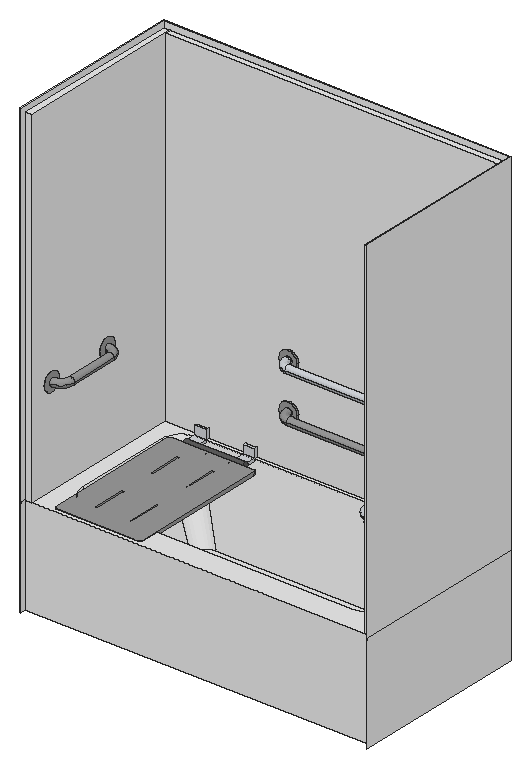
Revit family "4BTS6030A17.V2 L-R", category Plumbing Fixtures, Revit 2019
Family settings
  Round Connector Dimension = Use Diameter
  Part Type = Normal
  OmniClass Number = 23.45.05.14.17
  OmniClass Title = Showers
  Work Plane-Based = No
  Always vertical = Yes
  Cut with Voids When Loaded = No
  Shared = No
  Room Calculation Point = No
Parameters (values of type "4BTS6030A17.V2 L/R")
  Unit Width = 60"
  Unit Height = 78"
  Unit Depth = 30"
  URL = "http://www.bestbath.com"
  Type Comments = "ADA"
  Model = "4BTS6030A17.V2 L/R"
  Material [instance] = Best Bath Gelcoat Fiberglass - 4" x 8" Subway Tile
  Manufacturer = "Best Bath Systems, Inc."
  Keynote = "22 40 00.D3"
  Description = "4 x 8 Subway Tile, Tub Shower"
  Assembly Code = "D2010700"
Reference planes (in)
  plane 1 "Back": y = 0
  plane 2: z = 0.25
  plane 3 "Left": x = 0
  plane 4: x = 60
  plane 5: y = -30
  plane 6: z = 77.25
  plane 7: z = 78.25
  plane 8: x = 52
  plane 9: z = 17.25
  plane 10: y = -15
  plane 11: y = -1.25
  plane 12: x = 10
  plane 13: x = 55.5
  plane 14: y = -4.375
  plane 15: y = -23.5
  plane 16: y = -1.875
  plane 17: y = -26
  plane 18: x = 4
  plane 19: x = 57
  plane 20: x = 1.25
  plane 21: x = 58.75
  plane 22: y = -31
  plane 23: z = 34.25
  plane 24: z = 26.25
  plane 25: z = 39.25
Forms (in)
  Extrusion 1, solid, material "Best Bath Gelcoat Fiberglass - Smooth"
    sketch origin (0, 0, 0.25) x (1, 0, 0) y (0, 1, 0)
      loop
        line (60, -30) -> (60, 0) -> (58.75, 0) -> (58.75, -30) -> (60, -30)
      loop
        line (0, 0) -> (0, -30) -> (1.25, -30) -> (1.25, 0) -> (0, 0)
    from 17 to 77
  Extrusion 2, solid, material "Best Bath Gelcoat Fiberglass - Smooth"
    sketch origin (0, 0, 0.25) x (1, 0, 0) y (0, 1, 0)
      loop
        line (0, -30) -> (60, -30) -> (60, 0) -> (0, 0) -> (0, -30)
      loop
        circle (52, -15) r 1.5
    from 0 to 17
  Blend 3, void
    base sketch origin (0, 0, 0.25) x (1, 0, 0) y (0, 1, 0)
      loop
        arc (12.5, -4.375) -> (10.73223, -5.10723) -> (10, -6.875) r 2.5
        line (10, -6.875) -> (10, -21)
        arc (10, -21) -> (10.73223, -22.76777) -> (12.5, -23.5) r 2.5
        line (12.5, -23.5) -> (53.5, -23.5)
        arc (53.5, -23.5) -> (54.91421, -22.91421) -> (55.5, -21.5) r 2
        line (55.5, -21.5) -> (55.5, -6.375)
        arc (55.5, -6.375) -> (54.91421, -4.96079) -> (53.5, -4.375) r 2
        line (53.5, -4.375) -> (12.5, -4.375)
    top sketch origin (0, 0, 0.25) x (1, 0, 0) y (0, 1, 0)
      loop
        arc (7.5, -1.875) -> (5.02513, -2.90013) -> (4, -5.375) r 3.5
        line (4, -5.375) -> (4, -22.5)
        arc (4, -22.5) -> (5.02513, -24.97487) -> (7.5, -26) r 3.5
        line (7.5, -26) -> (53.5, -26)
        arc (53.5, -26) -> (55.97487, -24.97487) -> (57, -22.5) r 3.5
        line (57, -22.5) -> (57, -5.375)
        arc (57, -5.375) -> (55.97487, -2.90013) -> (53.5, -1.875) r 3.5
        line (53.5, -1.875) -> (7.5, -1.875)
    from 2.23617 to 17
  Extrusion 4, solid, material "Best Bath Gelcoat Fiberglass - Smooth"
    sketch origin (0, 0, 0.25) x (1, 0, 0) y (0, 1, 0)
      loop
        line (1.25, -1.25) -> (58.75, -1.25) -> (58.75, 0) -> (1.25, 0) -> (1.25, -1.25)
    from 17 to 77
  Extrusion 5, solid, material "Best Bath Gelcoat Fiberglass - Smooth"
    sketch origin (0, 0, 0.25) x (1, 0, 0) y (0, 1, 0)
      loop
        line (0, -30) -> (0, -31) -> (0.125, -31) -> (0.125, -30) -> (0, -30)
      loop
        line (60, -30) -> (59.875, -30) -> (59.875, -31) -> (60, -31) -> (60, -30)
    from 0 to 17
  Extrusion 6, solid, material "Best Bath Gelcoat Fiberglass - Smooth"
    sketch origin (0, 0, 0.25) x (1, 0, 0) y (0, 1, 0)
      loop
        line (0, -31) -> (0.125, -31) -> (0.125, -0.125) -> (59.875, -0.125) -> (59.875, -31) -> (60, -31) -> (60, 0) -> (0, 0) -> (0, -31)
    from 16.5 to 78
Cuts and joins
  Blend 3 cuts Extrusion 2
  joined: Extrusion 2, Extrusion 5
  joined: Extrusion 1, Extrusion 6
Dimensions and locks (in)
  "Unit Width": plane 3 "Left" to plane 4
  "Unit Depth": plane 1 "Back" to plane 5
  locked: plane 7 to plane 6 at 1
  "Unit Height": plane 7 to level
  plane 3 "Left" to plane 8 to plane 4 = 52", 8"
  plane 10 to plane 1 "Back" = 15"
  locked: plane 13 to plane 4 at 4.5
  locked: plane 15 to plane 5 at 6.5
  locked: plane 3 "Left" to plane 12 at 10
  locked: plane 16 to plane 1 "Back" at 1.875
  locked: plane 17 to plane 5 at 4
  locked: plane 19 to plane 4 at 3
  locked: plane 3 "Left" to plane 18 at 4
  locked: plane 9 to level at 17
  locked: plane 11 to plane 1 "Back" at 1.25
  locked: plane 3 "Left" to plane 20 at 1.25
  locked: plane 21 to plane 4 at 1.25
  locked: Extrusion 1 to plane 14 at 4.375
  locked: plane 23 to plane 9 at 17
  locked: plane 5 to plane 22 at 1
  locked: plane 24 to plane 9 at 9
  locked: plane 25 to plane 9 at 22
  radius of Blend 3 sketch curve = 2"  (x2)
  radius of Blend 3 sketch curve = 2 1/2"  (x2)
  radius of Blend 3 sketch curve = 3 1/2"  (x4)
  aligned and locked: level to plane 2
  aligned and locked: plane 6 to Extrusion 1
  aligned and locked: Extrusion 1 sketch curve to plane 4
  aligned and locked: plane 5 to Extrusion 1 sketch curve
  aligned and locked: Extrusion 1 sketch curve to plane 5
  aligned and locked: Extrusion 2 sketch curve to Extrusion 1  (x3)
  aligned and locked: Extrusion 2 sketch curve to plane 1 "Back"
  aligned and locked: plane 10 to Extrusion 2 sketch curve
  aligned and locked: plane 8 to Extrusion 2 sketch curve
  aligned and locked: plane 15 to Blend 3 sketch curve
  aligned and locked: Blend 3 sketch curve to plane 14
  aligned and locked: Blend 3 sketch curve to plane 13
  aligned and locked: plane 12 to Blend 3 sketch curve
  aligned and locked: plane 18 to Blend 3 sketch curve
  aligned and locked: Blend 3 sketch curve to plane 19
  aligned and locked: plane 17 to Blend 3 sketch curve
  aligned and locked: Blend 3 sketch curve to plane 16
  aligned and locked: Extrusion 1 sketch curve to plane 20
  aligned and locked: Extrusion 4 to plane 9
  aligned and locked: plane 6 to Extrusion 4
  aligned and locked: Extrusion 1 to plane 9
  aligned and locked: Blend 3 to Extrusion 1
  aligned and locked: plane 7 to Extrusion 6
  aligned and locked: plane 9 to cut or joined group of Extrusion 2, Blend 3, Extrusion 5
  aligned and locked: nested 3 to plane 23
  aligned and locked: nested 5 to plane 23
  aligned and locked: nested 2 to plane 24
  aligned and locked: plane 25 to nested 4
Automatic sketch dimensions
  plane 1 "Back" to Extrusion 1 sketch curve = 0"  (x2)
  Extrusion 1 sketch curve to plane 3 "Left" = 0"
  Extrusion 1 sketch curve to plane 21 = 0"
  Blend 3 sketch curve to plane 14 = 0"
  plane 1 "Back" to Extrusion 4 sketch curve = 0"
  Extrusion 4 sketch curve to plane 11 = 0"
  plane 3 "Left" to Extrusion 4 sketch curve = 1 1/4"
  plane 4 to Extrusion 4 sketch curve = 1 1/4"
  Extrusion 5 sketch curve to plane 3 "Left" = 0"
  Extrusion 5 sketch curve to plane 22 = 0"  (x2)
  Extrusion 5 sketch curve to plane 5 = 0"  (x2)
  Extrusion 5 sketch curve to plane 4 = 0"
  plane 3 "Left" to Extrusion 5 sketch curve = 1/8"
  Extrusion 5 sketch curve to Extrusion 5 sketch curve = 1/8"
  plane 1 "Back" to Extrusion 6 sketch curve = 0"
  Extrusion 6 sketch curve to plane 3 "Left" = 0"
  Extrusion 6 sketch curve to plane 22 = 0"  (x2)
  Extrusion 6 sketch curve to plane 4 = 0"
  plane 3 "Left" to Extrusion 6 sketch curve = 1/8"
  Extrusion 6 sketch curve to Extrusion 6 sketch curve = 1/8"
  plane 1 "Back" to Extrusion 6 sketch curve = 1/8"
  radius of Extrusion 2 sketch curve = 1 1/2"
Nested families (in)
  nested 1: "ADA Tub Shower Seat" at (21.75, -16.80262, -1.375) x (0, -1, 0) z (0, 0, 1), type "SE3215PHSO"
  nested 2: "Grab Bar - horiz" at (46.75, -1.25, -8.375) x (-1, 0, 0) z (0, 0, 1), type "24" x 1.25""
  nested 3: "Grab Bar - horiz" at (1.25, -13.9607, -0.375) x (0, -1, 0) z (0, 0, 1), type "12" x 1.25""
  nested 4: "Grab Bar - vertical" at (58.75, -25.9607, -0.375) x (0, -1, 0) z (0, 0, 1), type "18" x 1.25""
  nested 5: "Grab Bar - L shape 2016" at (58.75, -1.25, -2.72512) x (-1, 0, 0) z (0, 0, 1), type "27" x 36" x 1.25""
Definition of nested family "ADA Tub Shower Seat"
  Parameters (values of type "SE3215PHSO")
    URL = "http://seachrome.com/"
    Seat Width = 25"
    Seat Height = 18"
    Seat Depth = 15"
    Model = "SE3015PHSO"
    Manufacturer = "Seachrome"
    Keynote = "22 40 00.B7"
    Description = "32\" x 16\" fold down seat with swing-down legs, phenolic"
    Assembly Code = "C1030200"
  Types (2): name | Seat Width
    SE3015PHSO | 27"
    SE3215PHSO | 25"
  Reference planes (in)
    plane 1 "Center (Front/Back)": y = 0
    plane 2: z = 0
    plane 3 "Center (Left/Right)": x = 0
    plane 4: x = 12.5
    plane 5: x = -12.5
    plane 6: y = -2.25
    plane 7: y = -17.25
    plane 8: z = 18.125
    plane 9: z = 18.625
    plane 10: y = -9.75
    plane 11: x = 12.5
    plane 12: x = -12.5
    plane 13: z = 3.125
    plane 14: x = -8.75
    plane 15: x = 8.75
    plane 16: z = 14.875
    plane 17: y = -14.875
    plane 18: y = -4.625
    plane 19: z = 0.625
    plane 20: x = -3.25
    plane 21: x = 3.25
  Forms (in)
    Extrusion 1, solid
      sketch origin (0, 0, 0) x (1, 0, 0) y (0, 1, 0)
        loop
          line (12, -2.25) -> (-12, -2.25)
          arc (-12, -2.25) -> (-12.35355, -2.39645) -> (-12.5, -2.75) r 0.5
          line (-12.5, -2.75) -> (-12.5, -16.75)
          arc (-12.5, -16.75) -> (-12.35355, -17.10355) -> (-12, -17.25) r 0.5
          line (-12, -17.25) -> (12, -17.25)
          arc (12, -17.25) -> (12.35355, -17.10355) -> (12.5, -16.75) r 0.5
          line (12.5, -16.75) -> (12.5, -2.75)
          arc (12.5, -2.75) -> (12.35355, -2.39645) -> (12, -2.25) r 0.5
        loop
          line (3.25, -12.5968) -> (3.25, -12.92762) -> (8.75, -12.92762) -> (8.75, -12.5968) -> (3.25, -12.5968)
        loop
          line (-3.25, -12.5968) -> (-8.75, -12.5968) -> (-8.75, -12.92762) -> (-3.25, -12.92762) -> (-3.25, -12.5968)
        loop
          line (3.25, -6.93984) -> (8.75, -6.93984) -> (8.75, -6.60902) -> (3.25, -6.60902) -> (3.25, -6.93984)
        loop
          line (-3.25, -6.93984) -> (-3.25, -6.60902) -> (-8.75, -6.60902) -> (-8.75, -6.93984) -> (-3.25, -6.93984)
      from 18.125 to 18.625
    Extrusion 2, solid
      sketch origin (0, 0, 0) x (1, 0, 0) y (0, 0, 1)
        loop
          circle (-13.05099, 18.375) r 0.5
      from 4.625 to 14.875
    Extrusion 3, solid
      sketch origin (0, 0, 0) x (1, 0, 0) y (0, 0, 1)
        loop
          line (-13.55262, 18.125) -> (-13.55262, 18.625) -> (-15.05262, 18.625) -> (-15.05262, 20.125) -> (-15.55262, 20.125) -> (-15.55262, 18.125) -> (-13.55262, 18.125)
      from 4.625 to 14.875
    Extrusion 4, void
      sketch origin (0, 0, 0) x (1, 0, 0) y (0, 0, 1)
        loop
          line (-17.81546, 20.96567) -> (-17.81546, 16.96567) -> (-13.55262, 16.96567) -> (-13.55262, 20.96567) -> (-17.81546, 20.96567)
      from 6.48402 to 12.92762
  Cuts and joins
    Extrusion 4 cuts Extrusion 3
  Dimensions and locks (in)
    equal spacing: plane 5, plane 3 "Center (Left/Right)", plane 4
    "Seat Width": plane 5 to plane 4
    "Seat Depth": plane 7 to plane 6
    plane 6 to plane 1 "Center (Front/Back)" = 2 1/4"
    locked: plane 9 to plane 8 at 0.5
    equal spacing: plane 7, plane 10, plane 6
    equal spacing: plane 11, plane 3 "Center (Left/Right)", plane 12
    equal spacing: plane 14, plane 3 "Center (Left/Right)", plane 15
    locked: plane 19 to level at 0.625
    "Seat Height": plane 9 to plane 19
    plane 18 to plane 17 = 10 1/4"
    equal spacing: plane 18, plane 10, plane 17
    plane 14 to plane 20 = 5 1/2"
    plane 21 to plane 15 = 5 1/2"
    aligned and locked: plane 2 to level
    aligned and locked: Extrusion 1 sketch curve to plane 6
    aligned and locked: plane 4 to Extrusion 1 sketch curve
    aligned and locked: plane 9 to Extrusion 1
    aligned and locked: Extrusion 1 to plane 8
    aligned and locked: Extrusion 2 to plane 17
    aligned and locked: plane 18 to Extrusion 2
    aligned and locked: Extrusion 1 sketch curve to plane 14
    aligned and locked: plane 14 to Extrusion 1 sketch curve
    aligned and locked: Extrusion 1 sketch curve to plane 15
    aligned and locked: Extrusion 1 sketch curve to plane 20
    aligned and locked: plane 20 to Extrusion 1 sketch curve
    aligned and locked: Extrusion 1 sketch curve to plane 21
    aligned and locked: plane 21 to Extrusion 1 sketch curve
    aligned and locked: Extrusion 3 to Extrusion 2
    aligned and locked: Extrusion 2 to Extrusion 3
  Automatic sketch dimensions
    plane 8 to Extrusion 2 sketch curve = 1/4"
    Extrusion 2 sketch curve to plane 5 = 0.55099"
    Extrusion 3 sketch curve to plane 8 = 0"
    Extrusion 3 sketch curve to plane 9 = 0"
    Extrusion 3 sketch curve to plane 5 = 2.55262"
    Extrusion 3 sketch curve to plane 5 = 1.05262"
    Extrusion 3 sketch curve to Extrusion 3 sketch curve = 1 1/2"
    Extrusion 3 sketch curve to Extrusion 3 sketch curve = 1/2"
    Extrusion 4 sketch curve to plane 8 = 1.15933"
    Extrusion 4 sketch curve to plane 5 = 5.31546"
    Extrusion 4 sketch curve to plane 5 = 1.05262"
    plane 9 to Extrusion 4 sketch curve = 2.34067"
    Extrusion 1 sketch curve to plane 5 = 0"
    plane 7 to Extrusion 1 sketch curve = 0"
    Extrusion 1 sketch curve to plane 15 = 0"
    plane 12 to Extrusion 1 sketch curve = 1/2"  (x2)
    Extrusion 1 sketch curve to plane 11 = 1/2"  (x2)
    Extrusion 1 sketch curve to Extrusion 1 sketch curve = 0.33082"  (x4)
    Extrusion 1 sketch curve to plane 18 = 2.31484"  (x2)
    plane 17 to Extrusion 1 sketch curve = 1.94738"  (x2)
    radius of Extrusion 2 sketch curve = 1/2"
Definition of nested family "Grab Bar - horiz"
  Parameters (values of type "12" x 1.25"")
    Grab Bar Size = 12"
    URL = "http://seachrome.com/"
    Threshold Height = 5/8"
    Mounting Height = 34"
    Model = "GB12QSS"
    Manufacturer = "Seachrome Corp."
    Keynote = "10 28 00.C1"
    Description = "12\" x 1.25\" grab bar"
    Assembly Code = "C1030200"
  Types (13): name | Grab Bar Size | Model | Description
    12" x 1.25" | 12" | "GB12QSS" | "12\" x 1.25\" grab bar"
    27" x 1.25" | 27" | "GB27QSS" | "27\" x 1.25\" grab bar"
    24" x 1.25" | 24" | "GB24QSS" | "24\" x 1.25\" grab bar"
    48" x 1.25" | 48" | "GB48QSS" | "48\" x 1.25\" grab bar"
    25" x 1.25" | 25" | "GB25QSS" | "25\" x 1.25\" grab bar"
    42" x 1.25" | 42" | "GB42QSS" | "42\" x 1.25\" grab bar"
    18" x 1.25" | 18" | "GB18QSS" | "18\" x 1.25\" grab bar"
    22" x 1.25" | 22" | "GB22QSS" | "22\" x 1.25\" grab bar"
    30" x 1.25" | 30" | "GB30QSS" | "30\" x 1.25\" grab bar"
    36" x 1.25" | 36" | "GB36QSS" | "36\" x 1.25\" grab bar"
    38" x 1.25 | 38" | "GB38QSS" | "38\" x 1.25\" grab bar"
    44" x 1.25" | 44" | "GB44QSS" | "44\" x 1.25\" grab bar"
    39" x 1.25" | 39" | "GB24QSS" | "39\" x 1.25\" grab bar"
  Reference planes (in)
    plane 1 "Center (Front/Back)": y = 0
    plane 2: z = 0
    plane 3 "Center (Left/Right)": x = 0
    plane 4: z = 34.625
    plane 5: z = 0.625
    plane 6: x = 12
  Forms (in)
    Extrusion 1, solid
      sketch origin (0, 0, 0) x (1, 0, 0) y (0, 0, 1)
        loop
          circle (0, 34.625) r 1.5625
        loop
          circle (12, 34.625) r 1.5625
      from 0 to 0.25
    Sweep 2, solid
      path origin (0, 0, 0) x (1, 0, 0) y (0, 1, 0)
        loop
          line (0, -0.25) -> (0, -0.375)
          arc (0, -0.375) -> (0.51256, -1.61244) -> (1.75, -2.125) r 1.75
          line (1.75, -2.125) -> (10.25, -2.125)
          arc (10.25, -2.125) -> (11.48744, -1.61244) -> (12, -0.375) r 1.75
          line (12, -0.375) -> (12, -0.25)
      profile origin (6, -2.125, 0) x (0, 1, 0) y (0, 0, 1)
        loop
          circle (0, 34.625) r 0.625
  Dimensions and locks (in)
    "Threshold Height": plane 5 to level
    "Mounting Height": plane 4 to plane 5
    "Grab Bar Size": plane 6 to plane 3 "Center (Left/Right)"
    Sweep 2 sketch curve to plane 1 "Center (Front/Back)" = 2 1/8"
    aligned and locked: level to plane 2
  Automatic sketch dimensions
    Extrusion 1 sketch curve to plane 3 "Center (Left/Right)" = 0"
    Extrusion 1 sketch curve to plane 4 = 0"  (x2)
    Extrusion 1 sketch curve to plane 6 = 0"
    Sweep 2 sketch curve to plane 3 "Center (Left/Right)" = 0"
    plane 1 "Center (Front/Back)" to Sweep 2 sketch curve = 3/8"
    Sweep 2 sketch curve to plane 6 = 0"
    Sweep 2 sketch curve to plane 6 = 1 3/4"
    Sweep 2 sketch curve to Sweep 2 sketch curve = 1/8"  (x2)
    Sweep 2 sketch curve to profile plane = 0"
    level to Sweep 2 sketch curve = 34 5/8"
    radius of Extrusion 1 sketch curve = 1 9/16"  (x2)
    radius of Sweep 2 sketch curve = 5/8"
Definition of nested family "Grab Bar - vertical"
  Parameters (values of type "18" x 1.25"")
    Wall Clearance = 2 1/8"
    Mounting Height = 39"
    Grab Bar Size = 18"
    URL = "http://seachrome.com/"
    Threshold Height = 5/8"
    Model = "GB18QSS"
    Manufacturer = "Seachrome Corp."
    Keynote = "10 28 00.C1"
    Description = "18\" x 1.25\" grab bar"
    Assembly Code = "C1030200"
  Reference planes (in)
    plane 1 "Center (Front/Back)": y = 0
    plane 2: z = 0
    plane 3 "Center (Left/Right)": x = 0
    plane 4: z = 39.625
    plane 5: z = 57.625
    plane 6: z = 0.625
  Forms (in)
    Sweep 1, solid
      path origin (0, 0, 0) x (0, 1, 0) y (0, 0, 1)
        loop
          line (-0.25, 39.625) -> (-0.375, 39.625)
          arc (-0.375, 39.625) -> (-1.61244, 40.13756) -> (-2.125, 41.375) r 1.75
          line (-2.125, 41.375) -> (-2.125, 55.875)
          arc (-2.125, 55.875) -> (-1.61244, 57.11244) -> (-0.375, 57.625) r 1.75
          line (-0.375, 57.625) -> (-0.25, 57.625)
      profile origin (0, -0.3125, 39.625) x (0, 0, -1) y (1, 0, 0)
        loop
          circle (0, 0) r 0.625
    Extrusion 2, solid
      sketch origin (0, 0, 0) x (1, 0, 0) y (0, 0, 1)
        loop
          circle (0, 39.625) r 1.5625
        loop
          circle (0, 57.625) r 1.5625
      from 0 to 0.25
  Dimensions and locks (in)
    "Grab Bar Size": plane 5 to plane 4
    Extrusion 2 to Sweep 1 sketch curve = 1 7/8"
    "Threshold Height": plane 6 to level
    "Mounting Height": plane 4 to plane 6
    aligned and locked: level to plane 2
    aligned and locked: plane 5 to Sweep 1 sketch curve
    aligned and locked: Sweep 1 sketch curve to plane 4
  Automatic sketch dimensions
    Sweep 1 sketch curve to plane 3 "Center (Left/Right)" = 0"
    Sweep 1 sketch curve to profile plane = 0"
    Extrusion 2 sketch curve to plane 3 "Center (Left/Right)" = 0"  (x2)
    Extrusion 2 sketch curve to plane 4 = 0"
    Extrusion 2 sketch curve to plane 5 = 0"
    Sweep 1 sketch curve to plane 5 = 1 3/4"
    plane 1 "Center (Front/Back)" to Sweep 1 sketch curve = 1/4"
    Sweep 1 sketch curve to Sweep 1 sketch curve = 1/8"
    Sweep 1 sketch curve to plane 5 = 0"
    plane 4 to Sweep 1 sketch curve = 1 3/4"
    radius of Sweep 1 sketch curve = 5/8"
    radius of Extrusion 2 sketch curve = 1 9/16"  (x2)
Definition of nested family "Grab Bar - L shape 2016"
  Parameters (values of type "27" x 44" x 1.25"")
    Single Anchor Bar Length = 27"
    Mounting Height = 39"
    URL = "http://seachrome.com/"
    Threshold Height = 2.02488"
    Model = "GB2744QSS"
    Manufacturer = "Seachrome Corp."
    Keynote = "10 28 00.C1"
    Double Anchor Bar Length = 44"
    Description = "32\" x 44\" x 1.25\" L Grab Bar"
    Assembly Code = "C1030200"
  Types (8): name | Single Anchor Bar Length | Model | Double Anchor Bar Length | Description
    18" x 33" x 1.25" | 18" | "GB3236QSS" | 33" | "18\" x 33\" x 1.25\" L Grab Bar"
    32" x 36" x 1.25" | 32" | "GB3236QSS" | 36" | "18\" x 33\" x 1.25\" L Grab Bar"
    27" x 36" x 1.25" | 27" | "GB2736QSSW" | 36" | "18\" x 33\" x 1.25\" L Grab Bar"
    42" x 50" x 1.25" | 42" | "GB4250QSS" | 50" | "42\" x 50\" x 1.25\" L Grab Bar"
    27" x 48" x 1.25" | 27" | "GB2748QSS" | 48" | "27\" x 48\" x 1.25\" L Grab Bar"
    27" x 38" x 1.25" | 27" | "GB2738QSS" | 38" | "27\" x 38\" x 1.25\" L Grab Bar"
    32" x 44" x 1.25" | 32" | "GB2738QSS" | 44" | "32\" x 44\" x 1.25\" L Grab Bar"
    27" x 44" x 1.25" | 27" | "GB2744QSS" | 44" | "32\" x 44\" x 1.25\" L Grab Bar"
  Reference planes (in)
    plane 1 "Center (Front/Back)": y = 0
    plane 2: z = 0
    plane 3 "Center (Left/Right)": x = 0
    plane 4: z = 36.97512
    plane 5: z = -2.02488
    plane 6: y = -2.125
    plane 7: x = 2.125
    plane 8: x = 6
    plane 9: x = 44
    plane 10: y = -27
  Forms (in)
    Extrusion 1, solid
      sketch origin (0, 0, 0) x (1, 0, 0) y (0, 0, 1)
        loop
          circle (6, 36.97512) r 1.5625
        loop
          circle (44, 36.97512) r 1.5625
      from 0 to 0.25
    Extrusion 2, solid
      sketch origin (0, 0, 0) x (0, 1, 0) y (0, 0, 1)
        loop
          circle (-27, 36.97512) r 1.5
      from 0 to 0.25
    Sweep 3, solid
      path origin (0, 0, 0) x (1, 0, 0) y (0, 1, 0)
        loop
          line (0.25, -27) -> (0.625, -27)
          arc (0.625, -27) -> (1.68566, -26.56066) -> (2.125, -25.5) r 1.5
          line (2.125, -25.5) -> (2.125, -3.625)
          arc (2.125, -3.625) -> (2.56434, -2.56434) -> (3.625, -2.125) r 1.5
          line (3.625, -2.125) -> (42.5, -2.125)
          arc (42.5, -2.125) -> (43.56066, -1.68566) -> (44, -0.625) r 1.5
          line (44, -0.625) -> (44, -0.25)
      profile origin (0.4375, -27, 0) x (0, 1, 0) y (0, 0, 1)
        loop
          circle (0, 36.98831) r 0.625
    Sweep 4, solid
      path origin (0, 0, 0) x (1, 0, 0) y (0, 1, 0)
        loop
          line (6, -0.25) -> (6, -2.125)
      profile origin (6, -1.1875, 0) x (1, 0, 0) y (0, 0, 1)
        loop
          circle (0, 36.98831) r 0.62
  Dimensions and locks (in)
    "Threshold Height": level to plane 5
    "Mounting Height": plane 4 to plane 5
    locked: plane 3 "Center (Left/Right)" to plane 7 at 2.125
    locked: plane 3 "Center (Left/Right)" to plane 8 at 6
    locked: plane 6 to plane 1 "Center (Front/Back)" at 2.125
    "Double Anchor Bar Length": plane 3 "Center (Left/Right)" to plane 9
    "Single Anchor Bar Length": plane 10 to plane 1 "Center (Front/Back)"
    plane 4 to plane 5 = 39"
    level to plane 5 = 2.02488"
    aligned and locked: level to plane 2
    aligned and locked: plane 8 to Extrusion 1 sketch curve
    aligned and locked: plane 4 to Extrusion 1 sketch curve
    aligned and locked: plane 9 to Extrusion 1 sketch curve
    aligned and locked: plane 10 to Extrusion 2 sketch curve
    aligned and locked: plane 4 to Extrusion 2 sketch curve
  Automatic sketch dimensions
    Extrusion 1 sketch curve to plane 4 = 0"
    Sweep 3 sketch curve to plane 10 = 0"
    Sweep 3 sketch curve to plane 7 = 0"
    Sweep 3 sketch curve to plane 6 = 0"
    Sweep 3 sketch curve to plane 9 = 0"
    plane 3 "Center (Left/Right)" to Sweep 3 sketch curve = 5/8"
    Sweep 3 sketch curve to plane 6 = 1 1/2"
    plane 1 "Center (Front/Back)" to Sweep 3 sketch curve = 5/8"
    plane 3 "Center (Left/Right)" to Sweep 3 sketch curve = 1/4"
    plane 1 "Center (Front/Back)" to Sweep 3 sketch curve = 1/4"
    Sweep 3 sketch curve to profile plane = 0"
    level to Sweep 3 sketch curve = 36.98831"
    Sweep 4 sketch curve to plane 6 = 0"
    Sweep 4 sketch curve to plane 8 = 0"
    plane 1 "Center (Front/Back)" to Sweep 4 sketch curve = 1/4"
    profile plane to Sweep 4 sketch curve = 0"
    level to Sweep 4 sketch curve = 36.98831"
    radius of Extrusion 1 sketch curve = 1 9/16"  (x2)
    radius of Extrusion 2 sketch curve = 1 1/2"
    radius of Sweep 3 sketch curve = 5/8"
    radius of Sweep 4 sketch curve = 0.62"
